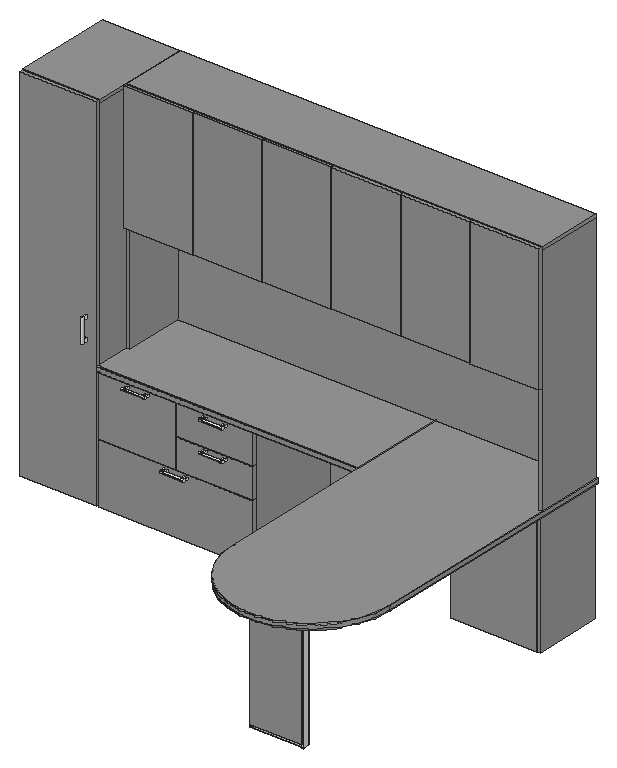
Revit family "JSI-Vision-Typical_Laminate-VST013-", category Furniture, Revit 2020
Family settings
  OmniClass Number = 23.40.20.00
  OmniClass Title = General Furniture and Specialties
  Work Plane-Based = No
  Always vertical = Yes
  Cut with Voids When Loaded = No
  Shared = No
  Room Calculation Point = No
Parameters (values of type "VST013")
  URL = "www.jsifurniture.com"
  Type Comments = "Typical Laminate"  # constant formula
  Model = "VST013"
  Manufacturer = "JSI"  # constant formula
  Keynote = "12500"
  Description = "Typical Laminate"
  Default Elevation = 0"
  Assembly Code = "E2020200"
Reference planes (in)
  plane 1 "Center Front/Back": y = 0
  plane 2: z = 0
  plane 3 "Center Left/Right": x = 0
Dimensions and locks (in)
  aligned and locked: plane 2 to level
Nested families (in)
  nested 1: "JSI-Vision-Double_Height_Overhead_Cabinets" at (17.8125, 0, -0.816), type "VST1696DSO, Laminate Dbl H OH Cab. 16" x 96", 6 Doors"
    with Verticall Partition Distance 31 13/16", Unit Centre 48", Width 96", Door Width Actual 15 13/16", Door Array Spacing 15 15/16", Door Width 15 13/16"
  nested 2: "JSI-Vision-Storage_Cabinet" at (0, 0, 0), type "VST2418-84HL, Laminate 84" H Strg Cab24" x 18""
    with Width 17.88", Unit Centre 8.8775", Shelve Width 16.255", Pull Distance 15.13", HRL yes, Actual Width 17.755"
  nested 3: "JSI-Vision-Multi_File_Return" at (78, -0.1925006, 0), type "VST2460MLL, Laminate Multi File Ret, Left Handed, 24" x 60""
    with Width 60", Ped Position 24", Ped Height 27.9965", Lat Pstn 18", Height 29.184", Ped Depth 23 5/8", Modesty Width 24 7/8", Grommet Position 13.56", Depth 24"
  nested 4: "JSI-Vision-Modular_Bullet_Desk_Top" at (88.75, 36.0641344, -0.816) x (0, 1, 0) z (0, 0, 1), type "VST3678MBULT -  Modular Bullet Desk Top 78"W x 36"D"
    with Width 78", Radius 18", Depth 36"
  nested 5: "JSI-Vision-Executive_Base" at (89.75, -69.2500766, 0) x (0, 1, 0) z (0, 0, 1), type "VST1328PEXB, Column Base 28 5/16"H"
    with Height 28"
  nested 6: "JSI-Vision-Support_Rail_Work_Surface" at (88.5741607, -63.7686668, 0.1842776) x (0, 1, 0) z (0, 0, 1), type "GP0249SB, Metal Support Rail for Work Surface  2W49 L 3/4H"
  nested 7: "JSI-Vision-Support_Rail_Work_Surface" at (103.4258393, -63.7686668, 0.1842776) x (0, 1, 0) z (0, 0, 1), type "GP0249SB, Metal Support Rail for Work Surface  2W49 L 3/4H"
  nested 8: "JSI-Vision-Modular_Wing_End_Support" at (113.75, -0.0625, 0) x (0, -1, 0) z (0, 0, 1), type "VST1636WEAL, Wing End Sup - Left"
    with Depth 36"
Definition of nested family "JSI-Vision-Double_Height_Overhead_Cabinets"
  Parameters (values of type "Double Height Overhead Cabbinet - Type Catalog Family")
    Verticall Partition Distance = (Door Width * 2) + 3/16"  # 29 13/16"
    Unit Centre = Width / 2  # 45"
    Top = none
    Width = 90"
    URL = "www.jsifurniture.com"
    Type Comments = ""
    Tag = "6 Doors"
    Series = "Vision Casegoods"  # constant formula
    Right Vertical Partition = yes
    Overhead Height = 26 1/2"
    Model = "Type Catalog"
    Material = ""
    Manufacturer = "JSI"  # constant formula
    Left Vertical Partition = yes
    Keynote = "12500"  # constant formula
    JSI Enviromental Website = "http://www.jsifurniture.com/jsi_sustainability_intro.php"
    Height = 54"
    Grommet Finish = none
    Gromett Height = 24 5/8"
    Door Width Actual = if(# of Doors > 4, ((Width - 1 1/8") / # of Doors), if(# of Doors > 3, (((Width - 1 1/8") / # of Doors) + 1/16"), if(# of Doors > 2, (((Width - 1 1/8") / # of Doors) + 1/8"), (((Width - 1 1/8") / # of Doors) + 1/4"))))  # 14 13/16"
    Door Array Spacing = Door Width + 1/8"  # 14 15/16"
    Door Width = Door Width Actual  # 14 13/16"
    Door Front = none
    Description = "Type Catalog"
    Depth = 16"
    Default Elevation = 0"
    Chassis = none
    Assembly Code = "E2020200"
    # of Doors = if(Width > 89", 6, (if(Width > 53", 4, (if(Width > 41", 3, (if(Width > 30", 2, 2)))))))  # 6
  Reference planes (in)
    plane 1 "Center Front/Back": y = 0
    plane 2: z = 30
    plane 3 "Center Left/Right": x = 0
    plane 4: z = 0
    plane 5: y = -0.125
    plane 6: x = 90
    plane 7: x = 0.125
    plane 8: x = 89.875
    plane 9: y = -15.5625
    plane 10: y = -16
    plane 11: z = 84.5
    plane 12: z = 84
    plane 13: x = 0.875
    plane 14: x = 89.125
    plane 15: y = -0.875
    plane 16: y = -0.9375
    plane 17: y = -1.6875
    plane 18: z = 83.75
    plane 19: z = 56.5
    plane 20: z = 57.25
    plane 21: z = 55
    plane 22: y = -14.8125
    plane 23: y = -14.0625
    plane 24: z = 70.5
    plane 25: z = 70.875
    plane 26: z = 70.125
    plane 27: x = 0.25
    plane 28: x = 89.75
    plane 29: z = 84.4375
    plane 30: z = 55.1875
    plane 31: y = -15.6875
    plane 32: y = -16.4375
    plane 33: x = 18.0625
    plane 34: x = 18.1875
    plane 35: x = 18.125
    plane 36: x = 45
    plane 37: x = 30.0625
    plane 38: x = 59.9375
    plane 39: x = 29.6875
    plane 40: x = 30.4375
    plane 41: x = 59.5625
    plane 42: x = 60.3125
    plane 43 "Not a Reference": x = 6.875
    plane 44: x = 83.125
  Forms (in)
    Extrusion 1, solid, material <- "Chassis"
      sketch origin (0, 0, 0) x (1, 0, 0) y (0, 1, 0)
        loop
          line (0.125, -0.125) -> (0.125, -15.5625) -> (0.875, -15.5625) -> (0.875, -0.125) -> (0.125, -0.125)
      from 30 to 83.75
    Extrusion 2, solid, material <- "Chassis"
      sketch origin (0, 0, 0) x (1, 0, 0) y (0, 1, 0)
        loop
          line (89.875, -0.125) -> (89.125, -0.125) -> (89.125, -15.5625) -> (89.875, -15.5625) -> (89.875, -0.125)
      from 30 to 83.75
    Extrusion 3, solid, material <- "Top"
      sketch origin (0, 0, 30) x (1, 0, 0) y (0, 0, 1)
        loop
          line (0.125, 54.5) -> (0.125, 53.75) -> (89.875, 53.75) -> (89.875, 54.5) -> (0.125, 54.5)
      from 0.125 to 15.5625
    Extrusion 4, solid, material <- "Chassis"
      sketch origin (0, 0, 30) x (1, 0, 0) y (0, 0, 1)
        loop
          line (0.875, 27.25) -> (0.875, 26.5) -> (89.125, 26.5) -> (89.125, 27.25) -> (0.875, 27.25)
      from 1.6875 to 15.5625
    Extrusion 5, solid, material <- "Chassis"
      sketch origin (0, 0, 0) x (1, 0, 0) y (0, 1, 0)
        loop
          line (0.875, -14.0625) -> (0.875, -14.8125) -> (89.125, -14.8125) -> (89.125, -14.0625) -> (0.875, -14.0625)
      from 55 to 56.5
    Extrusion 6, solid, material <- "Chassis"
      sketch origin (0, 0, 30) x (1, 0, 0) y (0, 0, 1)
        loop
          line (0.875, 40.875) -> (0.875, 40.125) -> (89.125, 40.125) -> (89.125, 40.875) -> (0.875, 40.875)
      from 1.6875 to 15.5625
    Extrusion 7, solid, material <- "Door Front"
      sketch origin (-3, 0, 30) x (1, 0, 0) y (0, 1, 0)
        loop
          line (3.25, -15.6875) -> (3.25, -16.4375) -> (18.0625, -16.4375) -> (18.0625, -15.6875) -> (3.25, -15.6875)
      from 25.1875 to 54.4375
    Extrusion 8, solid, material <- "Door Front"
      sketch origin (11.9375, 0, 30) x (1, 0, 0) y (0, 1, 0)
        loop
          line (3.25, -15.6875) -> (3.25, -16.4375) -> (18.0625, -16.4375) -> (18.0625, -15.6875) -> (3.25, -15.6875)
      from 25.1875 to 54.4375
    Extrusion 9, solid, material <- "Chassis", visible <- "Left Vertical Partition"
      sketch origin (0, 0, 0) x (1, 0, 0) y (0, 1, 0)
        loop
          line (29.6875, -1.6875) -> (29.6875, -15.5625) -> (30.4375, -15.5625) -> (30.4375, -1.6875) -> (29.6875, -1.6875)
      from 57.25 to 83.75
    Extrusion 10, solid, material <- "Chassis", visible <- "Right Vertical Partition"
      sketch origin (0, 0, 0) x (1, 0, 0) y (0, 1, 0)
        loop
          line (59.5625, -1.6875) -> (59.5625, -15.5625) -> (60.3125, -15.5625) -> (60.3125, -1.6875) -> (59.5625, -1.6875)
      from 57.25 to 83.75
    Extrusion 11, solid, material <- "Chassis"
      sketch origin (130.6199223, -0.9375, 78) x (1, 0, 0) y (0, 0, 1)
        loop
          line (-129.7449223, 5.75) -> (-129.7449223, -48) -> (-41.4949223, -48) -> (-41.4949223, 5.75) -> (-129.7449223, 5.75)
        loop
          circle (-117.119781, -22.09427) r 0.3359375
        loop
          circle (-54.1200636, -22.09427) r 0.3359375
      from 0 to 0.75
    Extrusion 12, solid, material <- "Door Front"
      sketch origin (26.875, 0, 30) x (1, 0, 0) y (0, 1, 0)
        loop
          line (3.25, -15.6875) -> (3.25, -16.4375) -> (18.0625, -16.4375) -> (18.0625, -15.6875) -> (3.25, -15.6875)
      from 25.1875 to 54.4375
    Extrusion 13, solid, material <- "Door Front"
      sketch origin (41.8125, 0, 30) x (1, 0, 0) y (0, 1, 0)
        loop
          line (3.25, -15.6875) -> (3.25, -16.4375) -> (18.0625, -16.4375) -> (18.0625, -15.6875) -> (3.25, -15.6875)
      from 25.1875 to 54.4375
    Extrusion 14, solid, material <- "Door Front"
      sketch origin (56.75, 0, 30) x (1, 0, 0) y (0, 1, 0)
        loop
          line (3.25, -15.6875) -> (3.25, -16.4375) -> (18.0625, -16.4375) -> (18.0625, -15.6875) -> (3.25, -15.6875)
      from 25.1875 to 54.4375
    Extrusion 15, solid, material <- "Door Front"
      sketch origin (71.6875, 0, 30) x (1, 0, 0) y (0, 1, 0)
        loop
          line (3.25, -15.6875) -> (3.25, -16.4375) -> (18.0625, -16.4375) -> (18.0625, -15.6875) -> (3.25, -15.6875)
      from 25.1875 to 54.4375
  Lines and regions (in)
    symbolic lines
      curve 1: line (0.125, -0.125, 0) -> (0.125, -15.5625, 0)
      curve 2: line (0.125, -15.5625, 0) -> (89.875, -15.5625, 0)
      curve 3: line (89.875, -15.5625, 0) -> (89.875, -0.125, 0)
      curve 4: line (89.875, -0.125, 0) -> (0.125, -0.125, 0)
      curve 5: line (0.25, -15.6875, 0) -> (15.0625, -15.6875, 0)
      curve 6: line (0.25, -16.4375, 0) -> (0.25, -15.6875, 0)
      curve 7: line (15.0625, -16.4375, 0) -> (0.25, -16.4375, 0)
      curve 8: line (15.0625, -15.6875, 0) -> (15.0625, -16.4375, 0)
      curve 9: line (15.1875, -15.6875, 0) -> (30, -15.6875, 0)
      curve 10: line (15.1875, -16.4375, 0) -> (15.1875, -15.6875, 0)
      curve 11: line (30, -16.4375, 0) -> (15.1875, -16.4375, 0)
      curve 12: line (30, -15.6875, 0) -> (30, -16.4375, 0)
      curve 13: line (30.125, -15.6875, 0) -> (44.9375, -15.6875, 0)
      curve 14: line (30.125, -16.4375, 0) -> (30.125, -15.6875, 0)
      curve 15: line (44.9375, -16.4375, 0) -> (30.125, -16.4375, 0)
      curve 16: line (44.9375, -15.6875, 0) -> (44.9375, -16.4375, 0)
      curve 17: line (45.0625, -15.6875, 0) -> (59.875, -15.6875, 0)
      curve 18: line (45.0625, -16.4375, 0) -> (45.0625, -15.6875, 0)
      curve 19: line (59.875, -16.4375, 0) -> (45.0625, -16.4375, 0)
      curve 20: line (59.875, -15.6875, 0) -> (59.875, -16.4375, 0)
      curve 21: line (60, -15.6875, 0) -> (74.8125, -15.6875, 0)
      curve 22: line (60, -16.4375, 0) -> (60, -15.6875, 0)
      curve 23: line (74.8125, -16.4375, 0) -> (60, -16.4375, 0)
      curve 24: line (74.8125, -15.6875, 0) -> (74.8125, -16.4375, 0)
      curve 25: line (74.9375, -15.6875, 0) -> (89.75, -15.6875, 0)
      curve 26: line (74.9375, -16.4375, 0) -> (74.9375, -15.6875, 0)
      curve 27: line (89.75, -16.4375, 0) -> (74.9375, -16.4375, 0)
      curve 28: line (89.75, -15.6875, 0) -> (89.75, -16.4375, 0)
  Dimensions and locks (in)
    plane 3 "Center Left/Right" to plane 7 to plane 27 = 1/8" locked, 1/8" locked
    plane 28 to plane 8 to plane 6 = 1/8" locked, 1/8" locked
    locked: plane 5 to plane 1 "Center Front/Back" at 0.125
    plane 10 to plane 9 to plane 22 to plane 23 = 7/16" locked, 3/4" locked, 3/4" locked
    "Width": plane 3 "Center Left/Right" to plane 6
    "Depth": plane 10 to plane 1 "Center Front/Back"
    locked: plane 11 to plane 12 at 0.5
    locked: plane 7 to plane 13 at 0.75
    locked: plane 14 to plane 8 at 0.75
    locked: plane 15 to plane 5 at 0.75
    plane 17 to plane 16 to plane 5 = 3/4" locked, 13/16" locked
    locked: plane 11 to plane 18 at 0.75
    plane 20 to plane 19 to plane 21 = 3/4" locked, 1 1/2" locked
    equal spacing: plane 18, plane 24, plane 20
    plane 25 to plane 24 to plane 26 = 3/8" locked, 3/8" locked
    locked: plane 11 to plane 29 at 0.0625
    locked: plane 30 to plane 21 at 0.1875
    plane 32 to plane 31 to plane 9 = 3/4" locked, 1/8" locked
    plane 33 to plane 35 to plane 34 = 1/16" locked, 1/16" locked
    "Door Width": Extrusion 7 sketch curve to Extrusion 7 sketch curve
    "Door Width": Extrusion 8 sketch curve to Extrusion 8 sketch curve
    equal spacing: group 1, group 2, group 3, group 4, group 5, group 6  (x3)
    "Door Array Spacing": Extrusion 7 to Extrusion 8
    "Verticall Partition Distance": plane 27 to plane 37
    plane 39 to plane 37 to plane 40 = 3/8" locked, 3/8" locked
    plane 41 to plane 38 to plane 42 = 3/8" locked, 3/8" locked
    "Verticall Partition Distance": plane 38 to plane 28
    "Unit Centre": plane 3 "Center Left/Right" to plane 36
    locked: plane 13 to plane 43 "Not a Reference" at 6
    locked: plane 44 to plane 14 at 6
    locked: plane 12 to plane 2 at 54
    "Overhead Height": plane 19 to plane 2
    plane 2 to level = 30"
    "Door Width": Extrusion 12 sketch curve to Extrusion 12 sketch curve
    "Door Width": Extrusion 13 sketch curve to Extrusion 13 sketch curve
    "Door Width": Extrusion 14 sketch curve to Extrusion 14 sketch curve
    "Door Width": Extrusion 15 sketch curve to Extrusion 15 sketch curve
    locked: Extrusion 11 sketch curve to Extrusion 11 sketch curve at 12.6251413  (x2)
    locked: Extrusion 11 sketch curve to Extrusion 11 sketch curve at 27.84427  (x2)
    aligned and locked: plane 5 to Extrusion 1 sketch curve
    aligned and locked: plane 7 to Extrusion 1 sketch curve
    aligned and locked: Extrusion 1 sketch curve to plane 13
    aligned and locked: Extrusion 2 sketch curve to plane 5
    aligned and locked: plane 8 to Extrusion 2 sketch curve
    aligned and locked: Extrusion 2 sketch curve to plane 14
    aligned and locked: Extrusion 3 sketch curve to plane 11
    aligned and locked: plane 7 to Extrusion 3 sketch curve
    aligned and locked: Extrusion 3 to plane 5
    aligned and locked: plane 9 to Extrusion 1
    aligned and locked: plane 9 to Extrusion 2
    aligned and locked: plane 9 to Extrusion 3
    aligned and locked: Extrusion 4 sketch curve to plane 20
    aligned and locked: plane 13 to Extrusion 4 sketch curve
    aligned and locked: plane 19 to Extrusion 4 sketch curve
    aligned and locked: Extrusion 4 sketch curve to plane 14
    aligned and locked: Extrusion 4 to plane 17
    aligned and locked: plane 9 to Extrusion 4
    aligned and locked: plane 23 to Extrusion 5 sketch curve
    aligned and locked: plane 13 to Extrusion 5 sketch curve
    aligned and locked: Extrusion 5 sketch curve to plane 22
    aligned and locked: Extrusion 5 sketch curve to plane 14
    aligned and locked: plane 19 to Extrusion 5
    aligned and locked: Extrusion 5 to plane 21
    aligned and locked: Extrusion 6 sketch curve to plane 25
    aligned and locked: plane 13 to Extrusion 6 sketch curve
    aligned and locked: plane 26 to Extrusion 6 sketch curve
    aligned and locked: Extrusion 6 sketch curve to plane 14
    aligned and locked: Extrusion 6 to plane 17
    aligned and locked: plane 9 to Extrusion 6
    aligned and locked: plane 29 to Extrusion 7
    aligned and locked: Extrusion 7 to plane 30
    aligned and locked: Extrusion 7 to plane 27
    aligned and locked: plane 17 to Extrusion 9 sketch curve
    aligned and locked: plane 39 to Extrusion 9 sketch curve
    aligned and locked: Extrusion 9 sketch curve to plane 9
    aligned and locked: Extrusion 9 sketch curve to plane 40
    aligned and locked: plane 17 to Extrusion 10 sketch curve
    aligned and locked: plane 41 to Extrusion 10 sketch curve
    aligned and locked: Extrusion 10 sketch curve to plane 9
    aligned and locked: Extrusion 10 sketch curve to plane 42
    aligned and locked: plane 18 to Extrusion 9
    aligned and locked: Extrusion 9 to plane 20
    aligned and locked: plane 18 to Extrusion 10
    aligned and locked: Extrusion 10 to plane 20
    aligned and locked: Extrusion 1 to Extrusion 11 sketch curve
    aligned and locked: Extrusion 11 sketch curve to Extrusion 2
    aligned and locked: Extrusion 11 to plane 16
    aligned and locked: plane 17 to Extrusion 11
    aligned and locked: plane 36 to nested 1
    aligned and locked: plane 32 to nested 1
    aligned and locked: plane 18 to Extrusion 1
    aligned and locked: plane 18 to Extrusion 2
    aligned and locked: plane 29 to Extrusion 8
    aligned and locked: curve 5 to Extrusion 7
    aligned and locked: curve 6 to Extrusion 7
    aligned and locked: curve 7 to Extrusion 7
    aligned and locked: curve 8 to Extrusion 7
    aligned and locked: curve 9 to Extrusion 8
    aligned and locked: curve 10 to Extrusion 8
    aligned and locked: curve 11 to Extrusion 8
    aligned and locked: curve 12 to Extrusion 8
    aligned and locked: Extrusion 11 to plane 2
    aligned and locked: plane 18 to Extrusion 11
    aligned and locked: curve 13 to Extrusion 12
    aligned and locked: curve 14 to Extrusion 12
    aligned and locked: curve 15 to Extrusion 12
    aligned and locked: curve 16 to Extrusion 12
    aligned and locked: curve 17 to Extrusion 13
    aligned and locked: curve 18 to Extrusion 13
    aligned and locked: curve 19 to Extrusion 13
    aligned and locked: curve 20 to Extrusion 13
    aligned and locked: curve 21 to Extrusion 14
    aligned and locked: curve 22 to Extrusion 14
    aligned and locked: curve 23 to Extrusion 14
    aligned and locked: curve 24 to Extrusion 14
    aligned and locked: curve 25 to Extrusion 15
    aligned and locked: curve 26 to Extrusion 15
    aligned and locked: curve 27 to Extrusion 15
    aligned and locked: curve 28 to Extrusion 15
  Automatic sketch dimensions
    Extrusion 1 sketch curve to plane 10 = 7/16"
    Extrusion 3 sketch curve to plane 8 = 0"
    Extrusion 3 sketch curve to plane 18 = 0"
    plane 9 to Extrusion 2 sketch curve = 0"
    Extrusion 7 sketch curve to Extrusion 7 sketch curve = 3/4"
    Extrusion 8 sketch curve to Extrusion 8 sketch curve = 3/4"
    curve 1 to plane 7 = 0"
    plane 5 to curve 3 = 0"
    curve 4 to plane 8 = 0"
    plane 9 to curve 1 = 0"
    curve 6 to curve 7 = 14 13/16"
    curve 6 to curve 6 = 3/4"
    curve 10 to curve 11 = 14 13/16"
    curve 10 to curve 10 = 3/4"
    Extrusion 12 sketch curve to Extrusion 12 sketch curve = 3/4"
    curve 14 to curve 15 = 14 13/16"
    curve 14 to curve 14 = 3/4"
    Extrusion 13 sketch curve to Extrusion 13 sketch curve = 3/4"
    curve 18 to curve 19 = 14 13/16"
    curve 18 to curve 18 = 3/4"
    Extrusion 14 sketch curve to Extrusion 14 sketch curve = 3/4"
    curve 22 to curve 23 = 14 13/16"
    curve 22 to curve 22 = 3/4"
    Extrusion 15 sketch curve to Extrusion 15 sketch curve = 3/4"
    curve 26 to curve 27 = 14 13/16"
    curve 26 to curve 26 = 3/4"
    Extrusion 11 sketch curve to plane 2 = 0"
    Extrusion 11 sketch curve to plane 18 = 0"
    radius of Extrusion 11 sketch curve = 43/128"  (x2)
  Nested families (in)
    nested 1: "Label 1-16 OH" at (45, -16.4375, 0), type "OH DOORS"
  Definition of nested family "Label 1-16 OH"
    Parameters
      Width = 1"
      Model Name = "XX"
    Reference planes (in)
      plane 1: y = 0
      plane 2: x = 0
    Text (in)
      label "XX" at (0.0005059, -0.1232411, 0), shows "Model Name"
Definition of nested family "JSI-Vision-Storage_Cabinet"
  Parameters (values of type "Type Catalog")
    Top = none
    Width = 18"
    Unit Centre = Actual Width / 2  # 8 15/16"
    URL = "www.jsifurniture.com"
    Type Comments = ""
    Tag = "Type Catalog"
    Shelve Width = Actual Width - 1 1/2"  # 16 3/8"
    Shelve Depth = Actual Depth - 1 11/16"  # 21 5/16"
    Series = "Vision Casegoods"  # constant formula
    Pull Position = 36"
    Pull Finish = none
    Pull Distance = if(HRL, (Actual Width - 2 5/8"), 2 1/2")  # 2 1/2"
    Model = "Type Catalog"
    Material = ""
    Manufacturer = "JSI"  # constant formula
    Keynote = "12500"  # constant formula
    JSI Enviromental Website = "http://www.jsifurniture.com/jsi_sustainability_intro.php"
    Height = 84"
    HRL = no
    Fix Shelve = 14 3/4"  # constant formula
    Door Front = none
    Description = "Type Catalog"
    Depth = 24"
    Default Elevation = 0"
    Chassis = none
    Bottom Adjustable Shelve = Fix Shelve * 2  # 29 1/2"
    Assembly Code = "E2020200"
    Adjustable Shelves Array Distance = if(Height > 42", ((Height - 3 3/4" - (Fix Shelve * 2)) / (# of Adjustable Shelves)), 0")  # 12 11/16"
    Actual Width = Width - 1/8"  # 17 7/8"
    Actual Height = if(Height > 54", (Height - 5/16"), (if(Height > 42", (Height + 1 1/8"), if(Height > 30", (Height - 3/8"), (Height - 13/16")))))  # 83 11/16"
    Actual Depth = Depth - 1"  # 23"
    # of Adjustable Shelves = if(Height > 72", 4, (if(Height > 57", 3, 2)))  # 4
  Reference planes (in)
    plane 1 "Center Front/Back": y = 0
    plane 2: z = 0
    plane 3 "Center Left/Right": x = 0
    plane 4: z = 0
    plane 5: x = 17.875
    plane 6: y = -0.125
    plane 7: y = -23.125
    plane 8: z = 83.6875
    plane 9: y = -0.875
    plane 10: y = -22.9375
    plane 11: y = -22.1875
    plane 12: x = 0.75
    plane 13: x = 17.125
    plane 14: z = 1.1875
    plane 15: z = 1.9375
    plane 16: z = 82.9375
    plane 17: z = 83.3125
    plane 18: z = 17.0625
    plane 19: z = 32.5625
    plane 20: z = 42.625
    plane 21: z = 56.1875
    plane 22: z = 69.75
    plane 23: z = 70.125
    plane 24: z = 69.375
    plane 25: z = 56.5625
    plane 26: z = 55.8125
    plane 27: z = 43
    plane 28: z = 42.25
    plane 29: z = 32.9375
    plane 30: z = 32.1875
    plane 31: z = 17.4375
    plane 32: z = 16.6875
    plane 33: x = 8.9375
    plane 34: x = 0.0625
    plane 35: x = 17.8125
    plane 36: x = 9
    plane 37: x = 8.875
    plane 38: z = 1.03125
    plane 39: y = -23.25
    plane 40: y = -24
    plane 41: x = 2.5625
    plane 42: z = 30.9375
    plane 43: z = 83.625
    plane 44: z = 36
    plane 45: y = -23
  Forms (in)
    Extrusion 1, solid, material <- "Chassis"
      sketch origin (0, 0, 0) x (1, 0, 0) y (0, 1, 0)
        loop
          line (0, -0.125) -> (0, -0.875) -> (17.875, -0.875) -> (17.875, -0.125) -> (0, -0.125)
      from 0 to 82.9375
    Extrusion 2, solid, material <- "Chassis"
      sketch origin (0, 0, 0) x (1, 0, 0) y (0, 1, 0)
        loop
          line (0, -0.875) -> (0, -23.125) -> (0.75, -23.125) -> (0.75, -0.875) -> (0, -0.875)
      from 0 to 82.9375
    Extrusion 3, solid, material <- "Chassis"
      sketch origin (0, 0, 0) x (1, 0, 0) y (0, 1, 0)
        loop
          line (17.125, -0.875) -> (17.125, -23.125) -> (17.875, -23.125) -> (17.875, -0.875) -> (17.125, -0.875)
      from 0 to 82.9375
    Extrusion 4, solid, material <- "Top"
      sketch origin (0, 0, 0) x (0, 1, 0) y (0, 0, 1)
        loop
          line (-0.125, 83.6875) -> (-23.125, 83.6875) -> (-23.125, 82.9375) -> (-0.125, 82.9375) -> (-0.125, 83.6875)
      from 0 to 17.875
    Extrusion 5, solid, material <- "Chassis"
      sketch origin (0, 0, 0) x (0, 1, 0) y (0, 0, 1)
        loop
          line (-0.875, 1.9375) -> (-22.1875, 1.9375) -> (-22.1875, 1.1875) -> (-0.875, 1.1875) -> (-0.875, 1.9375)
      from 0.75 to 17.125
    Extrusion 6, solid, material <- "Chassis"
      sketch origin (0, 0, 0) x (0, 1, 0) y (0, 0, 1)
        loop
          line (-22.1875, 1.9375) -> (-22.9375, 1.9375) -> (-22.9375, 0) -> (-22.1875, 0) -> (-22.1875, 1.9375)
      from 0.75 to 17.125
    Extrusion 7, solid, material <- "Chassis"
      sketch origin (0, 0, 0) x (1, 0, 0) y (0, 0, 1)
        loop
          line (0.75, 17.4375) -> (0.75, 16.6875) -> (17.125, 16.6875) -> (17.125, 17.4375) -> (0.75, 17.4375)
      from 0.875 to 22.1875
    Extrusion 8, solid, material <- "Chassis"
      sketch origin (-30, -7.5625, 2) x (1, 0, 0) y (0, 0, 1)
        loop
          line (30.75, 29.4375) -> (30.75, 28.6875) -> (47.125, 28.6875) -> (47.125, 29.4375) -> (30.75, 29.4375)
      from -6.6875 to 14.625
    Extrusion 9, solid, material <- "Chassis"
      sketch origin (-30, -7.5625, 14.6875) x (1, 0, 0) y (0, 0, 1)
        loop
          line (30.75, 29.4375) -> (30.75, 28.6875) -> (47.125, 28.6875) -> (47.125, 29.4375) -> (30.75, 29.4375)
      from -6.6875 to 14.625
    Extrusion 10, solid, material <- "Door Front"
      sketch origin (0, 0, 0) x (1, 0, 0) y (0, 1, 0)
        loop
          line (0.0625, -23.25) -> (0.0625, -24) -> (17.8125, -24) -> (17.8125, -23.25) -> (0.0625, -23.25)
      from 0.125 to 83.625
    Extrusion 11, solid, material <- "Chassis"
      sketch origin (-30, -7.5625, 27.375) x (1, 0, 0) y (0, 0, 1)
        loop
          line (30.75, 29.4375) -> (30.75, 28.6875) -> (47.125, 28.6875) -> (47.125, 29.4375) -> (30.75, 29.4375)
      from -6.6875 to 14.625
    Extrusion 12, solid, material <- "Chassis"
      sketch origin (-30, -7.5625, 40.0625) x (1, 0, 0) y (0, 0, 1)
        loop
          line (30.75, 29.4375) -> (30.75, 28.6875) -> (47.125, 28.6875) -> (47.125, 29.4375) -> (30.75, 29.4375)
      from -6.6875 to 14.625
  Lines and regions (in)
    symbolic lines
      curve 1: line (17.875, -0.125, 0) -> (0, -0.125, 0)
      curve 2: line (0, -0.125, 0) -> (0, -23.125, 0)
      curve 3: line (0, -23.125, 0) -> (17.875, -23.125, 0)
      curve 4: line (17.875, -23.125, 0) -> (17.875, -0.125, 0)
      curve 5: line (17.8125, -24, 0) -> (17.8125, -23.25, 0)
      curve 6: line (17.8125, -23.25, 0) -> (0.0625, -23.25, 0)
      curve 7: line (0.0625, -24, 0) -> (17.8125, -24, 0)
      curve 8: line (0.0625, -23.25, 0) -> (0.0625, -24, 0)
  Dimensions and locks (in)
    locked: plane 6 to plane 1 "Center Front/Back" at 0.125
    plane 7 to plane 10 to plane 11 = 3/16" locked, 3/4" locked
    locked: plane 3 "Center Left/Right" to plane 12 at 0.75
    locked: plane 13 to plane 5 at 0.75
    plane 15 to plane 14 to plane 4 = 3/4" locked, 1 3/16" locked
    locked: plane 8 to plane 16 at 0.75
    locked: plane 17 to plane 16 at 0.375
    plane 23 to plane 22 to plane 24 = 3/8" locked, 3/8" locked
    plane 25 to plane 21 to plane 26 = 3/8" locked, 3/8" locked
    plane 27 to plane 20 to plane 28 = 3/8" locked, 3/8" locked
    plane 29 to plane 19 to plane 30 = 3/8" locked, 3/8" locked
    plane 31 to plane 18 to plane 32 = 3/8" locked, 3/8" locked
    "Fix Shelve": plane 32 to plane 15
    equal spacing: plane 30, plane 18, plane 15
    "Actual Width": plane 3 "Center Left/Right" to plane 5
    equal spacing: group 1, group 2, group 3, group 4  (x3)
    "Adjustable Shelves Array Distance": Extrusion 9 to Extrusion 8
    "Bottom Adjustable Shelve": Extrusion 8 to plane 15
    "Shelve Width": Extrusion 8 sketch curve to Extrusion 8 sketch curve
    "Shelve Width": Extrusion 9 sketch curve to Extrusion 9 sketch curve
    "Unit Centre": plane 3 "Center Left/Right" to plane 33
    "Actual Height": plane 8 to plane 4
    locked: plane 3 "Center Left/Right" to plane 34 at 0.0625
    plane 37 to plane 33 to plane 36 = 1/16" locked, 1/16" locked
    locked: plane 35 to plane 5 at 0.0625
    locked: plane 14 to plane 38 at 0.15625
    plane 40 to plane 39 to plane 7 = 3/4" locked, 1/8" locked
    locked: plane 29 to plane 42 at 2
    locked: plane 8 to plane 43 at 0.0625
    "Pull Position": plane 44 to level
    "Pull Distance": plane 34 to plane 41
    "Shelve Depth": Extrusion 8 to Extrusion 8
    "Actual Depth": plane 7 to plane 6
    "Shelve Depth": Extrusion 9 to Extrusion 9
    "Shelve Width": Extrusion 11 sketch curve to Extrusion 11 sketch curve
    "Shelve Depth": Extrusion 11 to Extrusion 11
    "Shelve Width": Extrusion 12 sketch curve to Extrusion 12 sketch curve
    "Shelve Depth": Extrusion 12 to Extrusion 12
    locked: plane 4 to Extrusion 10 at 0.125
    aligned and locked: level to plane 2
    aligned and locked: plane 6 to Extrusion 1 sketch curve
    aligned and locked: Extrusion 1 sketch curve to plane 9
    aligned and locked: Extrusion 1 sketch curve to plane 5
    aligned and locked: plane 3 "Center Left/Right" to Extrusion 1 sketch curve
    aligned and locked: Extrusion 1 to plane 4
    aligned and locked: plane 16 to Extrusion 1
    aligned and locked: plane 3 "Center Left/Right" to Extrusion 2 sketch curve
    aligned and locked: Extrusion 2 sketch curve to plane 12
    aligned and locked: Extrusion 2 sketch curve to plane 7
    aligned and locked: plane 9 to Extrusion 2 sketch curve
    aligned and locked: plane 13 to Extrusion 3 sketch curve
    aligned and locked: Extrusion 3 sketch curve to plane 5
    aligned and locked: Extrusion 3 sketch curve to plane 7
    aligned and locked: plane 9 to Extrusion 3 sketch curve
    aligned and locked: Extrusion 2 to plane 4
    aligned and locked: Extrusion 3 to plane 4
    aligned and locked: plane 16 to Extrusion 2
    aligned and locked: plane 16 to Extrusion 3
    aligned and locked: plane 16 to Extrusion 4 sketch curve
    aligned and locked: Extrusion 4 sketch curve to plane 8
    aligned and locked: plane 6 to Extrusion 4 sketch curve
    aligned and locked: Extrusion 4 sketch curve to plane 7
    aligned and locked: Extrusion 4 to plane 3 "Center Left/Right"
    aligned and locked: plane 5 to Extrusion 4
    aligned and locked: Extrusion 5 sketch curve to plane 11
    aligned and locked: plane 14 to Extrusion 5 sketch curve
    aligned and locked: Extrusion 5 sketch curve to plane 15
    aligned and locked: plane 9 to Extrusion 5 sketch curve
    aligned and locked: Extrusion 5 to plane 12
    aligned and locked: plane 13 to Extrusion 5
    aligned and locked: plane 11 to Extrusion 6 sketch curve
    aligned and locked: Extrusion 6 sketch curve to plane 10
    aligned and locked: plane 4 to Extrusion 6 sketch curve
    aligned and locked: Extrusion 6 sketch curve to plane 15
    aligned and locked: Extrusion 6 to plane 12
    aligned and locked: plane 13 to Extrusion 6
    aligned and locked: level to plane 4
    aligned and locked: Extrusion 7 sketch curve to plane 31
    aligned and locked: plane 32 to Extrusion 7 sketch curve
    aligned and locked: Extrusion 7 sketch curve to plane 13
    aligned and locked: plane 12 to Extrusion 7 sketch curve
    aligned and locked: Extrusion 7 to plane 9
    aligned and locked: plane 11 to Extrusion 7
    aligned and locked: Extrusion 8 to plane 12
    aligned and locked: Extrusion 9 to plane 12
    aligned and locked: plane 33 to nested 1
    aligned and locked: plane 40 to nested 1
    aligned and locked: plane 39 to Extrusion 10 sketch curve
    aligned and locked: Extrusion 10 sketch curve to plane 40
    aligned and locked: plane 34 to Extrusion 10 sketch curve
    aligned and locked: plane 35 to Extrusion 10
    aligned and locked: plane 43 to Extrusion 10
    aligned and locked: plane 44 to nested 2
    aligned and locked: plane 41 to nested 2
    aligned and locked: plane 40 to nested 2
    aligned and locked: plane 11 to Extrusion 8
    aligned and locked: plane 11 to Extrusion 9
    aligned and locked: curve 1 to Extrusion 4
    aligned and locked: curve 2 to Extrusion 4
    aligned and locked: curve 3 to Extrusion 4
    aligned and locked: curve 4 to Extrusion 4
    aligned and locked: curve 5 to Extrusion 10
    aligned and locked: curve 6 to Extrusion 10
    aligned and locked: curve 7 to Extrusion 10
    aligned and locked: curve 8 to Extrusion 10
  Automatic sketch dimensions
    Extrusion 8 sketch curve to Extrusion 8 sketch curve = 3/4"
    Extrusion 9 sketch curve to Extrusion 9 sketch curve = 3/4"
    plane 37 to Extrusion 10 sketch curve = 8 15/16"
    Extrusion 11 sketch curve to Extrusion 11 sketch curve = 3/4"
    Extrusion 12 sketch curve to Extrusion 12 sketch curve = 3/4"
  Nested families (in)
    nested 1: "Label 1-16 OH" at (8.9375, -24, 0), type "OH DOORS"
    nested 2: "Vertical Bar Pull" at (2.5625, -24, 36), Pull Finish <- "Pull Finish", type "PL"
      with Pull Finish none
  Definition of nested family "Vertical Bar Pull"
    Parameters
      Pull Finish [instance] = none
      Default Elevation = 0"
    Reference planes (in)
      plane 1 "Center Front/Back": y = 0
      plane 2: z = 0
      plane 3 "Center Left/Right": x = 0
      plane 4: x = -2.6873071
      plane 5: x = -1.8873079
      plane 6: x = 2.6873071
      plane 7: x = 1.8873079
      plane 8: y = -1
      plane 9: y = -0.8520212
      plane 10: z = 2.6873071
      plane 11: z = 1.8873079
      plane 12: z = -1.8873079
      plane 13: z = -2.6873071
    Forms (in)
      Extrusion 1, solid, material <- "Pull Finish"
        sketch origin (0, 0, 0) x (0, 1, 0) y (-1, 0, 0)
          loop
            line (0, -0.2014997) -> (0, 0.2014997) -> (-0.8520212, 0.2014997)
            arc (-0.8520212, 0.2014997) -> (-0.75, 0) -> (-0.8520212, -0.2014997) r 0.2499992
            line (-0.8520212, -0.2014997) -> (0, -0.2014997)
        from 1.8873079 to 2.6873071
      Extrusion 2, solid, material <- "Pull Finish"
        sketch origin (0, 0, 0) x (0, 1, 0) y (-1, 0, 0)
          loop
            circle (-1, 0) r 0.25
        from -2.6873071 to 2.6873071
      Extrusion 3, solid, material <- "Pull Finish"
        sketch origin (0, 0, 0) x (1, 0, 0) y (0, 1, 0)
          loop
            line (0.2014997, 0) -> (-0.2014997, 0) -> (-0.2014997, -0.8520212)
            arc (-0.2014997, -0.8520212) -> (0, -0.75) -> (0.2014997, -0.8520212) r 0.2499992
            line (0.2014997, -0.8520212) -> (0.2014997, 0)
        from 1.8873079 to 2.6873071
      Extrusion 4, solid, material <- "Pull Finish"
        sketch origin (0, 0, -4.574615) x (1, 0, 0) y (0, 1, 0)
          loop
            line (0.2014997, 0) -> (-0.2014997, 0) -> (-0.2014997, -0.8520212)
            arc (-0.2014997, -0.8520212) -> (0, -0.75) -> (0.2014997, -0.8520212) r 0.2499992
            line (0.2014997, -0.8520212) -> (0.2014997, 0)
        from 1.8873079 to 2.6873071
    Dimensions and locks (in)
      plane 4 to plane 5 to plane 3 "Center Left/Right" to plane 7 to plane 6 = 0.8" locked, 1.88731" locked, 1.88731" locked, 0.8" locked
      plane 8 to plane 9 to plane 1 "Center Front/Back" = 0.14798" locked, 0.85202" locked
      plane 13 to plane 12 to plane 2 to plane 11 to plane 10 = 0.8" locked, 1.88731" locked, 1.88731" locked, 0.8" locked
      plane 1 "Center Front/Back" to plane 9 to plane 8 = 0.85202" locked, 0.14798" locked
      aligned and locked: level to plane 2
      aligned and locked: plane 8 to Extrusion 2 sketch curve
      aligned and locked: Extrusion 3 to plane 1 "Center Front/Back"
      aligned and locked: Extrusion 1 to plane 1 "Center Front/Back"
      aligned and locked: Extrusion 4 to plane 1 "Center Front/Back"
      aligned and locked: Extrusion 3 to plane 10
      aligned and locked: Extrusion 3 to plane 11
      aligned and locked: Extrusion 2 to plane 10
      aligned and locked: Extrusion 2 to plane 13
      aligned and locked: Extrusion 4 to plane 13
      aligned and locked: Extrusion 4 to plane 12
      aligned and locked: plane 1 "Center Front/Back" to Extrusion 4
      aligned and locked: plane 1 "Center Front/Back" to Extrusion 3
      aligned and locked: Extrusion 4 to plane 9
      aligned and locked: Extrusion 3 to plane 9
  Definition of nested family "Label 1-16 OH"
    Parameters
      Width = 1"
      Model Name = "1 Door R"
    Reference planes (in)
      plane 1: y = 0
      plane 2: x = 0
    Text (in)
      label "XX" at (0.0005059, -0.1232411, 0), shows "Model Name"
Definition of nested family "JSI-Vision-Multi_File_Return"
  Parameters (values of type "Type Catalog")
    Worksurface = none
    Width = 48"
    URL = "www.jsifurniture.com"
    Type Comments = ""
    Tag = "MULTI"  # constant formula
    Series = "Vision Casegoods"  # constant formula
    Pull Finish = none
    Ped Position = if(L, (Width - 36"), 0")  # 12"
    Ped Height = Height - 1 3/16"  # 28"
    Material = ""
    Lat Pstn = 18.0002"
    Keynote = "12500"
    JIS Enviromental Website = "http://www.jsifurniture.com/jsi_sustainability_intro.php"
    Height = 29 3/16"
    F Pstn = if(L, 26 15/16", 9 1/16")  # 26 15/16"
    Drawer Front = none
    Ped Depth = Depth - 3/8"  # 19 5/8"
    Modesty Position = if(L, (3/4"), Width - 35 7/8")  # 3/4"
    Model = "Type Catalog"
    Manufacturer = "JSI"  # constant formula
    Modesty Width = (Width + 3/4") - 35 7/8"  # 12 7/8"
    Default Elevation = 0"
    Chasis = none
    Insertion Point = if(L, 0", Width)  # 0"
    Grommet Position = 13 9/16"
    Grommet Finish = none
    L = yes
    Description = "Type Catalog"
    Depth = 20"
    BB Pstn = if(L, 9 1/16", 26 15/16")  # 9 1/16"
    Assembly Code = "E2020200"
  Reference planes (in)
    plane 1 "Center Front/Back": y = 0
    plane 2: z = 0
    plane 3 "Center Left/Right": x = 0
    plane 4: x = 0
    plane 5: y = -20
    plane 6: x = -48
    plane 7: z = 29.1875
    plane 8: z = 27.9999981
    plane 9: x = -12
    plane 10: y = -0.8749853
    plane 11: y = -1.6874853
    plane 12: x = -12.125
    plane 13: x = 0.75
    plane 14: y = -2.9308707
    plane 15: x = -5.6875
    plane 16: z = 0.1409261
    plane 17: z = 13.9534261
    plane 18: z = 14.0784261
    plane 19: z = 20.9221761
    plane 20: z = 27.8914261
    plane 21: z = 21.0476761
    plane 22: z = 27.1411532
    plane 23: z = 20.1710219
    plane 24: z = 13.2028356
    plane 25: x = -38.9375
    plane 26: x = -21.0625
    plane 27: y = -19.0574994
    plane 28: y = -19.8074994
    plane 29: x = -30.0002
  Forms (in)
    Extrusion 1, solid, material <- "Worksurface"
      sketch origin (0, 0, 0) x (1, 0, 0) y (0, 1, 0)
        loop
          line (-48, 0) -> (-48, -19.875) -> (0, -19.875) -> (0, 0) -> (-48, 0)
      from 27.9999981 to 29.1875
    Extrusion 2, solid, material <- "Chasis"
      sketch origin (0, 0, 0) x (1, 0, 0) y (0, 0, 1)
        loop
          line (-12.125, 27.9999981) -> (-12.125, 0) -> (0.75, 0) -> (0.75, 27.9999981) -> (-6.0770782, 27.9999981) -> (-12.125, 27.9999981)
      from 0.8749853 to 1.6874853
    Extrusion 3, solid, material <- "Worksurface"
      sketch origin (0, 0, 0) x (0, 1, 0) y (0, 0, 1)
        loop
          arc (-19.875, 29.1875) -> (-19.9633884, 29.1508883) -> (-20, 29.0625) r 0.125
          line (-20, 29.0625) -> (-20, 28.1249981)
          arc (-20, 28.1249981) -> (-19.9633884, 28.0366097) -> (-19.875, 27.9999981) r 0.125
          line (-19.875, 27.9999981) -> (-19.875, 29.1875)
      from -48 to 0
    Extrusion 4, solid, material <- "Drawer Front"
      sketch origin (48.4904177, 1.2118258, 0.7715474) x (1, 0, 0) y (0, 0, 1)
        loop
          line (-96.3032529, 13.1818787) -> (-96.3032529, -0.6306213) -> (-60.6779825, -0.6306213) -> (-60.6779825, 13.1818787) -> (-96.3032529, 13.1818787)
      from 20.2693252 to 21.0193252
    Extrusion 5, solid, material <- "Drawer Front"
      sketch origin (20.5625653, -74.866868, -2.1409268) x (1, 0, 0) y (0, 0, 1)
        loop
          line (-32.7502654, 23.063103) -> (-50.4998653, 23.063103) -> (-50.4998653, 16.219353) -> (-32.7502654, 16.219353) -> (-32.7502654, 23.063103)
        loop
          line (-32.7502654, 23.188603) -> (-32.7502654, 30.032353) -> (-50.4998653, 30.032353) -> (-50.4998653, 23.188603) -> (-32.7502654, 23.188603)
      from -55.8093686 to -55.0593686
    Extrusion 6, solid, material <- "Drawer Front"
      sketch origin (-0.7206317, 3.8125, 0.812501) x (-1, 0, 0) y (0, 0, -1)
        loop
          line (29.3415326, -13.2659252) -> (29.3415326, -27.0789252) -> (47.092204, -27.0789252) -> (47.092204, -13.2659252) -> (29.3415326, -13.2659252)
      from 22.8699994 to 23.6199994
  Lines and regions (in)
    symbolic lines
      curve 1: line (-48, -20, 0) -> (0, -20, 0)
      curve 2: line (-48, 0, 0) -> (-48, -20, 0)
      curve 3: line (0, 0, 0) -> (-48, 0, 0)
      curve 4: line (0, -20, 0) -> (0, 0, 0)
  Dimensions and locks (in)
    "Insertion Point": plane 4 to plane 3 "Center Left/Right"
    "Depth": plane 5 to plane 1 "Center Front/Back"
    "Width": plane 6 to plane 4
    locked: plane 7 to plane 8 at 1.1875019
    "Height": plane 7 to level
    "Ped Position": plane 9 to plane 4
    "Modesty Width": plane 12 to plane 13
    "Modesty Position": plane 3 "Center Left/Right" to plane 13
    plane 14 to plane 11 to plane 10 to plane 1 "Center Front/Back" = 1.24339" locked, 13/16" locked, 7/8" locked
    equal spacing: plane 12, plane 15, plane 13
    equal spacing: Extrusion 6 sketch curve, plane 25, Extrusion 6 sketch curve
    locked: Extrusion 6 sketch curve to Extrusion 6 sketch curve at 17.7506714
    "F Pstn": plane 9 to plane 25
    equal spacing: Extrusion 5 sketch curve, plane 26, Extrusion 5 sketch curve
    locked: Extrusion 5 sketch curve to Extrusion 5 sketch curve at 17.7495999
    "BB Pstn": plane 26 to plane 9
    plane 27 to plane 28 to plane 5 = 3/4" locked, 0.1925" locked
    equal spacing: Extrusion 4 sketch curve, plane 29, Extrusion 4 sketch curve
    "Lat Pstn": plane 29 to plane 9
    locked: Extrusion 4 sketch curve to Extrusion 4 sketch curve at 35.6252704
    plane 8 to plane 20 to plane 21 to plane 19 to plane 18 to plane 17 to plane 16 to plane 2 = 0.10857", 6 27/32", 0.1255", 6 27/32", 1/8", 13 13/16", 0.14093"
    plane 7 to plane 2 = 29 3/16"
    aligned and locked: level to plane 2
    aligned and locked: plane 1 "Center Front/Back" to Extrusion 1 sketch curve
    aligned and locked: plane 6 to Extrusion 1 sketch curve
    aligned and locked: Extrusion 1 sketch curve to plane 4
    aligned and locked: plane 1 "Center Front/Back" to nested 1
    aligned and locked: nested 1 to plane 9
    aligned and locked: Extrusion 2 sketch curve to plane 12
    aligned and locked: plane 8 to Extrusion 2 sketch curve  (x2)
    aligned and locked: Extrusion 2 sketch curve to level
    aligned and locked: Extrusion 2 to plane 13
    aligned and locked: plane 10 to Extrusion 2
    aligned and locked: Extrusion 2 to plane 11
    aligned and locked: nested 2 to nested 1
    aligned and locked: nested 2 to plane 5
    aligned and locked: plane 7 to Extrusion 1
    aligned and locked: Extrusion 1 to plane 8
    aligned and locked: Extrusion 3 to plane 6
    aligned and locked: plane 4 to Extrusion 3
    aligned and locked: curve 2 to plane 6
    aligned and locked: plane 4 to curve 4
    aligned and locked: curve 3 to plane 1 "Center Front/Back"
    aligned and locked: curve 1 to plane 5
    aligned and locked: Extrusion 5 sketch curve to Extrusion 5 sketch curve
    aligned and locked: plane 25 to nested 6
    aligned and locked: nested 6 to plane 22
    aligned and locked: nested 4 to plane 26
    aligned and locked: nested 4 to plane 22
    aligned and locked: nested 5 to plane 23
    aligned and locked: Extrusion 6 to Extrusion 5
    aligned and locked: nested 4 to Extrusion 5
    aligned and locked: nested 5 to Extrusion 5
    aligned and locked: nested 5 to plane 26
    aligned and locked: nested 6 to Extrusion 6
    aligned and locked: plane 27 to Extrusion 6
    aligned and locked: Extrusion 6 to plane 28
    aligned and locked: Extrusion 5 to plane 28
    aligned and locked: plane 24 to nested 3
    aligned and locked: Extrusion 6 to Extrusion 4
    aligned and locked: Extrusion 4 to Extrusion 6
    aligned and locked: nested 3 to Extrusion 6
    aligned and locked: plane 17 to Extrusion 4
    aligned and locked: Extrusion 4 to plane 16
    aligned and locked: Extrusion 5 to Extrusion 6
    aligned and locked: plane 19 to Extrusion 5
    aligned and locked: Extrusion 5 to plane 21
    aligned and locked: plane 20 to Extrusion 5
    aligned and locked: nested 3 to plane 29
  Automatic sketch dimensions
    plane 5 to Extrusion 1 sketch curve = 1/8"
    plane 13 to Extrusion 2 sketch curve = 0"
    Extrusion 3 sketch curve to plane 5 = 0"
    Extrusion 3 sketch curve to plane 8 = 0"
    Extrusion 3 sketch curve to plane 7 = 0"
    Extrusion 3 sketch curve to Extrusion 3 sketch curve = 1/8"
    level to Extrusion 4 sketch curve = 0.14093"
    plane 24 to Extrusion 4 sketch curve = 0.75059"
    plane 19 to Extrusion 5 sketch curve = 6.96925"
    plane 24 to Extrusion 5 sketch curve = 0.87559"
    Extrusion 5 sketch curve to Extrusion 5 sketch curve = 0"
    plane 17 to Extrusion 5 sketch curve = 6 31/32"
    Extrusion 5 sketch curve to Extrusion 5 sketch curve = 0.1255"
    Extrusion 6 sketch curve to plane 20 = 0"
    Extrusion 6 sketch curve to plane 18 = 0"
    Extrusion 2 sketch curve to plane 15 = 0.38958"
  Nested families (in)
    nested 1: "Multi F Pedestal" at (-47.9999995, 0, 0), Pull Finish <- "Pull Finish", Grommet Finish <- "Grommet Finish", Ped Depth <- "Ped Depth", Drawer Front <- "Drawer Front", Chasis <- "Chasis", Ped Height <- "Ped Height", type "M Ped"
      with Pull Finish none, Ped Width 35 3/4", Ped Height 28", Ped Depth 19 5/8", Grommet Finish none, Drawer Front none, Chasis none
    nested 2: "Label 1-16" at (-29.9999995, -20, 0), type "DRWCFG"
    nested 3: "Bar Pull" at (-30.0002, -19.8074994, 13.2028356), Pull Finish <- "Pull Finish", type "PL"
      with Pull Finish none
    nested 4: "Bar Pull" at (-21.0625, -19.8074994, 27.1411532) x (-1, 0, 0) z (0, 0, 1), Pull Finish <- "Pull Finish", type "PL"
      with Pull Finish none
    nested 5: "Bar Pull" at (-21.0625, -19.8074994, 20.1710219) x (-1, 0, 0) z (0, 0, 1), Pull Finish <- "Pull Finish", type "PL"
      with Pull Finish none
    nested 6: "Bar Pull" at (-38.9375, -19.8074994, 27.1411532) x (-1, 0, 0) z (0, 0, 1), Pull Finish <- "Pull Finish", type "PL"
      with Pull Finish none
  Definition of nested family "Multi F Pedestal"
    Parameters (values of type "M Ped")
      Pull Finish [instance] = none
      Ped Width [instance] = 35 7/8"
      Ped Height [instance] = 28"
      Drawer Front [instance] = none
      Ped Depth [instance] = 23 5/8"
      Grommet Finish [instance] = none
      Default Elevation = 0"
      Chasis [instance] = none
    Reference planes (in)
      plane 1 "Center Front/Back": y = 0
      plane 2: z = 0
      plane 3 "Center Left/Right": x = 0
      plane 4: x = 0.125
      plane 5: x = 36
      plane 6: x = 36.1249995
      plane 7: y = -22.9324994
      plane 8: y = -0.1875
      plane 9: y = -23.0625
      plane 10: x = 0.1871643
      plane 11: x = 35.9374347
      plane 12: y = -23.8125
      plane 13: z = 1.0403155
      plane 14: z = 27.999999
      plane 15: x = 0.875
      plane 16: x = 35.2509985
      plane 17: y = -0.9375
      plane 18: y = -22.191633
      plane 19: x = 18.0625
      plane 20: z = 26.562501
      plane 21: y = -3.9375001
      plane 22: x = 9.0625
      plane 23: x = 27.0625
    Forms (in)
      Extrusion 1, solid, material <- "Chasis"
        sketch origin (0, 0, 0) x (1, 0, 0) y (0, 1, 0)
          loop
            line (0.125, -0.1875) -> (0.125, -0.9375) -> (36, -0.9375) -> (36, -0.1875) -> (0.125, -0.1875)
        from 0 to 27.999999
      Extrusion 2, solid, material <- "Chasis"
        sketch origin (0.125, -0.1875, 48) x (0, 1, 0) y (0, 0, 1)
          loop
            line (-0.75, -20.000001) -> (-1.4549758, -20.000001) -> (-22.7449994, -20.000001) -> (-22.7449994, -48) -> (-0.75, -48) -> (-0.75, -20.000001)
        from 0 to 0.75
      Extrusion 3, solid, material <- "Chasis"
        sketch origin (36, -0.1875, 48) x (0, 1, 0) y (0, 0, 1)
          loop
            line (-0.75, -20.000001) -> (-1.5355851, -20.000001) -> (-22.7449994, -20.000001) -> (-22.7449994, -48) -> (-0.75, -48) -> (-0.75, -20.000001)
        from -0.7490015 to 0
      Extrusion 4, solid, material <- "Chasis"
        sketch origin (0, 0, 0) x (1, 0, 0) y (0, 1, 0)
          loop
            line (0.875, -22.191633) -> (0.875, -22.9324994) -> (35.2509985, -22.9324994) -> (35.2509985, -22.191633) -> (0.875, -22.191633)
        from 0 to 1.9374999
    Lines and regions (in)
      symbolic lines
        curve 1: line (0.125, -0.1875, 0) -> (36, -0.1875, 0)
        curve 2: line (0.125, -22.9324994, 0) -> (0.125, -0.1875, 0)
        curve 3: line (36, -22.9324994, 0) -> (0.125, -22.9324994, 0)
        curve 4: line (36, -0.1875, 0) -> (36, -22.9324994, 0)
        curve 5: line (0.1871643, -23.0625, 0) -> (35.9374347, -23.0625, 0)
        curve 6: line (0.1871643, -23.8125, 0) -> (0.1871643, -23.0625, 0)
        curve 7: line (35.9374347, -23.8125, 0) -> (0.1871643, -23.8125, 0)
        curve 8: line (35.9374347, -23.0625, 0) -> (35.9374347, -23.8125, 0)
    Dimensions and locks (in)
      plane 3 "Center Left/Right" to plane 4 = 1/8"
      locked: plane 5 to plane 6 at 0.1249995
      "Ped Width": plane 4 to plane 5
      locked: plane 1 "Center Front/Back" to plane 8 at 0.1875
      "Ped Depth": plane 8 to plane 12
      "Ped Height": plane 14 to level
      locked: plane 8 to plane 17 at 0.75
      plane 4 to plane 10 to plane 15 = 0.06216" locked, 0.68784" locked
      plane 16 to plane 11 to plane 5 = 0.68644" locked, 0.06257" locked
      equal spacing: plane 4, plane 19, plane 5
      locked: plane 14 to plane 20 at 1.4374981
      locked: plane 1 "Center Front/Back" to plane 21 at 3.9375001
      plane 18 to plane 7 to plane 9 to plane 12 = 0.74087" locked, 0.13" locked, 3/4" locked
      aligned and locked: level to plane 2
      aligned and locked: Extrusion 1 sketch curve to plane 8
      aligned and locked: plane 4 to Extrusion 1 sketch curve
      aligned and locked: plane 17 to Extrusion 1 sketch curve
      aligned and locked: Extrusion 1 sketch curve to plane 5
      aligned and locked: plane 14 to Extrusion 1
      aligned and locked: plane 17 to Extrusion 2 sketch curve
      aligned and locked: Extrusion 2 sketch curve to plane 7
      aligned and locked: Extrusion 2 sketch curve to level
      aligned and locked: Extrusion 2 to plane 4
      aligned and locked: plane 15 to Extrusion 2
      aligned and locked: Extrusion 3 sketch curve to plane 14
      aligned and locked: Extrusion 3 sketch curve to plane 17
      aligned and locked: level to Extrusion 3 sketch curve
      aligned and locked: plane 7 to Extrusion 3 sketch curve
      aligned and locked: Extrusion 3 to plane 16
      aligned and locked: plane 5 to Extrusion 3
      aligned and locked: Extrusion 4 sketch curve to plane 18
      aligned and locked: plane 15 to Extrusion 4 sketch curve
      aligned and locked: Extrusion 4 sketch curve to Extrusion 3
      aligned and locked: Extrusion 3 to Extrusion 4 sketch curve
    Automatic sketch dimensions
      curve 3 to plane 4 = 0"
      curve 6 to plane 9 = 0"
      curve 6 to plane 10 = 0"
      curve 5 to plane 11 = 0"
      curve 1 to plane 5 = 0"
      curve 6 to plane 12 = 0"
      curve 2 to plane 7 = 0"
      curve 2 to plane 8 = 0"
      Extrusion 2 sketch curve to plane 14 = 0"
      Extrusion 2 sketch curve to Extrusion 2 sketch curve = 0.70498"
      Extrusion 3 sketch curve to plane 17 = 0.78559"
  Definition of nested family "Bar Pull"
    Parameters
      Pull Finish [instance] = none
      Default Elevation = 0"
    Reference planes (in)
      plane 1 "Center Front/Back": y = 0
      plane 2: z = 0
      plane 3 "Center Left/Right": x = 0
      plane 4: x = -2.6873071
      plane 5: x = -1.8873079
      plane 6: x = 2.6873071
      plane 7: x = 1.8873079
      plane 8: y = -1
      plane 9: y = -0.8520212
    Forms (in)
      Extrusion 1, solid, material <- "Pull Finish"
        sketch origin (0, 0, 0) x (0, 1, 0) y (0, 0, 1)
          loop
            line (0, -0.2014997) -> (0, 0.2014997) -> (-0.8520212, 0.2014997)
            arc (-0.8520212, 0.2014997) -> (-0.75, 0) -> (-0.8520212, -0.2014997) r 0.2499992
            line (-0.8520212, -0.2014997) -> (0, -0.2014997)
        from 1.8873079 to 2.6873071
      Extrusion 2, solid, material <- "Pull Finish"
        sketch origin (0, 0, 0) x (0, 1, 0) y (0, 0, 1)
          loop
            circle (-1, 0) r 0.25
        from -2.6873071 to 2.6873071
      Extrusion 3, solid, material <- "Pull Finish"
        sketch origin (0, 0, 0) x (0, 1, 0) y (0, 0, -1)
          loop
            line (0, 0.2014997) -> (-0.8520212, 0.2014997)
            arc (-0.8520212, 0.2014997) -> (-0.75, 0) -> (-0.8520212, -0.2014997) r 0.2499992
            line (-0.8520212, -0.2014997) -> (0, -0.2014997) -> (0, 0.2014997)
        from 1.8873079 to 2.6873071
    Dimensions and locks (in)
      plane 4 to plane 5 to plane 3 "Center Left/Right" to plane 7 to plane 6 = 0.8" locked, 1.88731" locked, 1.88731" locked, 0.8" locked
      plane 8 to plane 9 to plane 1 "Center Front/Back" = 0.14798" locked, 0.85202" locked
      aligned and locked: level to plane 2
      aligned and locked: plane 4 to Extrusion 3
      aligned and locked: Extrusion 3 to plane 5
      aligned and locked: plane 4 to Extrusion 2
      aligned and locked: Extrusion 1 to plane 7
      aligned and locked: plane 6 to Extrusion 1
      aligned and locked: plane 6 to Extrusion 2
      aligned and locked: plane 8 to Extrusion 2 sketch curve
      aligned and locked: Extrusion 3 to plane 1 "Center Front/Back"
      aligned and locked: Extrusion 1 to plane 1 "Center Front/Back"
      aligned and locked: plane 5 to Extrusion 3
      aligned and locked: Extrusion 3 to plane 4
      aligned and locked: Extrusion 2 to plane 4
      aligned and locked: plane 7 to Extrusion 1
      aligned and locked: Extrusion 1 to plane 6
      aligned and locked: Extrusion 2 to plane 6
  Definition of nested family "Label 1-16"
    Parameters
      Width = 1"
      Model Name = "BF"
    Reference planes (in)
      plane 1: y = 0
      plane 2: x = 0
    Text (in)
      label "XX" at (0.0005059, -0.1232411, 0), shows "Model Name"
Definition of nested family "JSI-Vision-Modular_Bullet_Desk_Top"
  Parameters (values of type "Modular Bullet Desk Top - Type Catalog Family")
    Worksurface = none
    Width = 48"
    URL = "www.jsifurniture.com"
    Type Comments = ""
    Series = "Vision Casegoods"  # constant formula
    Radius = Depth / 2  # 12"
    Model = "Type Catalog"
    Material = ""
    Manufacturer = "JSI"  # constant formula
    Keynote = "12500"  # constant formula
    JSI Enviromental Website = "http://www.jsifurniture.com/jsi_sustainability_intro.php"
    Height = 30"
    Description = "Type Catalog"
    Depth = 24"
    Default Elevation = 0"
    Assembly Code = "E2020200"
  Reference planes (in)
    plane 1: z = 0
    plane 2 "Center (Left/Right)": x = -36.0641344
    plane 3: z = 30
    plane 4: z = 28.8124981
    plane 5: y = -13.25
    plane 6 "Center (Front/Back)": y = 10.75
    plane 7: y = 10.625
    plane 8: x = -60.0641344
    plane 9: y = -13.125
    plane 10: x = -84.0641344
  Forms (in)
    Extrusion 1, solid, material <- "Worksurface"
      sketch origin (-48, 0, 0) x (1, 0, 0) y (0, 1, 0)
        loop
          arc (-24.0641344, 10.625) -> (-35.9391344, -1.25) -> (-24.0641344, -13.125) r 11.875
          line (-24.0641344, -13.125) -> (11.9358656, -13.125) -> (11.9358656, 10.625) -> (-24.0641344, 10.625)
      from 28.8124981 to 30
    Sweep 2, solid, material <- "Worksurface"
      path in 3D
        loop
          line (-36.0641344, 10.625, 30) -> (-72.0641344, 10.625, 30)
          arc (-72.0641344, 10.625, 30) -> (-83.9391344, -1.25, 30) -> (-72.0641344, -13.125, 30) r 11.875
          line (-72.0641344, -13.125, 30) -> (-36.0641344, -13.125, 30)
      profile origin (-54.0641344, -13.125, 30) x (0, 1, 0) y (0, 0, 1)
        loop
          arc (0, 0) -> (-0.0883883, -0.0366117) -> (-0.125, -0.125) r 0.125
          line (-0.125, -0.125) -> (-0.125, -1.0625019)
          arc (-0.125, -1.0625019) -> (-0.0883883, -1.1508903) -> (0, -1.1875019) r 0.125
          line (0, -1.1875019) -> (0, 0)
  Cuts and joins
    joined: Extrusion 1, Sweep 2
  Lines and regions (in)
    sketch lines
      curve 1: line (-72.0641344, -13.125, 30) -> (-36.0641344, -13.125, 30)
      curve 2: arc (-72.0641344, -13.125, 30) -> (-83.9391344, -1.25, 30) -> (-72.0641344, 10.625, 30) r 11.875
      curve 3: line (-36.0641344, 10.625, 30) -> (-72.0641344, 10.625, 30)
    symbolic lines
      curve 4: line (-36.0641344, 10.75, 0) -> (-36.0641344, -13.25, 0)
      curve 5: line (-36.0641344, -13.25, 0) -> (-72.0641344, -13.25, 0)
      curve 6: line (-72.0641344, 10.75, 0) -> (-36.0641344, 10.75, 0)
      curve 7: arc (-72.0641344, -13.25, 0) -> (-84.0641344, -1.25, 0) -> (-72.0641344, 10.75, 0) r 12
  Dimensions and locks (in)
    "Height": plane 3 to level
    locked: plane 3 to plane 4 at 1.1875019
    "Depth": plane 6 "Center (Front/Back)" to plane 5
    locked: plane 7 to plane 6 "Center (Front/Back)" at 0.125
    locked: plane 9 to plane 5 at 0.125
    equal spacing: plane 10, plane 8, plane 2 "Center (Left/Right)"
    "Width": plane 10 to plane 2 "Center (Left/Right)"
    locked: plane 10 to Extrusion 1 sketch curve at 0.125
    "Radius": plane 10 to curve 7
    aligned and locked: level to plane 1
    aligned and locked: Extrusion 1 sketch curve to plane 9
    aligned and locked: plane 3 to Extrusion 1
    aligned and locked: Extrusion 1 to plane 4
    aligned and locked: plane 2 "Center (Left/Right)" to cut or joined group of Extrusion 1, Sweep 2
  Automatic sketch dimensions
    curve 5 to plane 2 "Center (Left/Right)" = 0"
    curve 4 to plane 5 = 0"
    plane 6 "Center (Front/Back)" to curve 6 = 0"
    Extrusion 1 sketch curve to plane 7 = 0"
    Extrusion 1 sketch curve to plane 2 "Center (Left/Right)" = 0"
    Sweep 2 sketch curve to profile plane = 0"  (x2)
    profile plane to Sweep 2 sketch curve = 1/8"
    Sweep 2 sketch curve to Sweep 2 sketch curve = 15/16"
Definition of nested family "JSI-Vision-Executive_Base"
  Parameters (values of type "VST1328PEXB, Column Base 28 5/16"H")
    Width = 12 1/2"
    URL = "www.jsifurniture.com"
    Type Comments = ""
    Support Finish = none
    Series = "Vision Casegoods"  # constant formula
    Panel Finish = none
    Model = "VST1328PEXB"
    Material = ""
    Manufacturer = "JSI"  # constant formula
    Keynote = "12500"  # constant formula
    JSI Enviromental Website = "http://www.jsifurniture.com/jsi_sustainability_intro.php"
    Height = 28 5/16"
    Frame Finish = none
    Depth = 1 1/2"
    Default Elevation = 0"
    Description = "Executive Base for Peninsula Tops Laminate, 12 1/2\"W x  1 1/2\"D x 28 5/16\"H"
    Assembly Code = "E2020200"
  Types (2): name | Model | Description
    VST1328PEXB, Column Base 28 5/16"H | "VST1328PEXB" | "Executive Base for Peninsula Tops Laminate, 12 1/2\"W x  1 1/2\"D x 28 5/16\"H"
    VSV1328PEXB, Column Base 28 5/16"H | "VSV1328PEXB" | "Executive Base for Peninsula Tops Venner, 12 1/2\"W x  1 1/2\"D x 28 5/16\"H"
  Reference planes (in)
    plane 1 "Center Front/Back": y = 0
    plane 2: z = 0
    plane 3 "Center Left/Right": x = 0
    plane 4: z = 0
    plane 5: z = 28.3125
    plane 6: x = -3.5
    plane 7: x = 3.5
    plane 8: y = -12.5
    plane 9: x = -0.75
    plane 10: x = 0.75
    plane 11: z = 28.1875
  Forms (in)
    Sweep 1, solid, material <- "Frame Finish"
      path origin (0, 0, 0) x (0, 1, 0) y (0, 0, 1)
        loop
          line (0, 0) -> (-12.5, 0) -> (-12.5, 28.1875)
      profile origin (0, -6.25, 0) x (0, 0, -1) y (1, 0, 0)
        loop
          arc (-0.5, -0.7196371) -> (-0.4911069, -0.7411069) -> (-0.4696371, -0.75) r 0.0303629
          line (-0.4696371, -0.75) -> (-0.03125, -0.75)
          arc (-0.03125, -0.75) -> (-0.0091529, -0.7408471) -> (0, -0.71875) r 0.03125
          line (0, -0.71875) -> (0, 0.71875)
          arc (0, 0.71875) -> (-0.0091529, 0.7408471) -> (-0.03125, 0.75) r 0.03125
          line (-0.03125, 0.75) -> (-0.46875, 0.75)
          arc (-0.46875, 0.75) -> (-0.4908471, 0.7408471) -> (-0.5, 0.71875) r 0.03125
          line (-0.5, 0.71875) -> (-0.5, -0.7196371)
